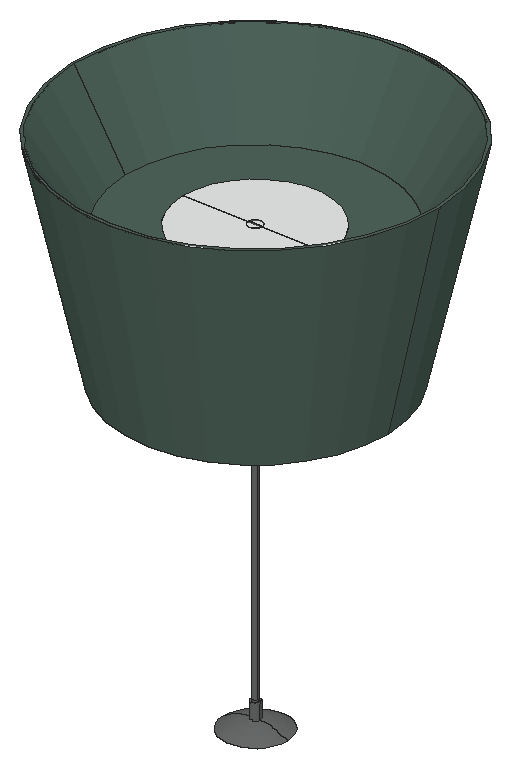
Revit family "S-T-P", category Lighting Fixtures, host Face, Revit 2014
Parameters (values of type "S-T-P-GN")
  Watts = 8 W
  Wattage Comments = "8W"
  Wattage = 9.2903 W
  Warranty = "5 years Warranty"  # constant formula
  built-in parameter 1150110 = 1 (stored number, unit not read)
  Voltage = 120 V
  URL = "https://www.hubbell.com/securitylighting/en"
  built-in parameter 1114217 = 1 (stored number, unit not read)
  Tilt Angle = 60.00°
  built-in parameter 1150109 = 1 (stored number, unit not read)
  built-in parameter 1150134 = 3
  built-in parameter 1150113 = 1 (stored number, unit not read)
  Reflector Finish = Hubbell - White Glass
  Product Link = "https://www.hubbell.com/securitylighting/en/Products/Lighting-Controls/Commercial-Indoor-Lighting/Pendant-Lighting/Tapered-Pendant/p/3028275"
  Product Documentation Link = "https://hubbellcdn.com/specsheet/sl_0038_tapered_spec.pdf"
  Power Factor = 1
  Photometric Web File = "generic"
  Pendent Height [instance] = 12"
  built-in parameter 1150142 = (empty or 0)
  Model = "S-T-P"  # constant formula
  Manufacturer = "Security Lighting"  # constant formula
  built-in parameter 1150105 = 109.82 (stored number, unit not read)
  Lumens = 1380 lm
  built-in parameter 1150115 = 1 (stored number, unit not read)
  Load Classification = Lighting
  built-in parameter 1150137 = (empty or 0)
  built-in parameter 1150139 = (empty or 0)
  built-in parameter 1150112 = 1 (stored number, unit not read)
  built-in parameter 1150114 = 1 (stored number, unit not read)
  Lamp = "LED"  # constant formula
  LF = T : P
  built-in parameter 1150132 = (empty or 0)
  built-in parameter 1150102 = (empty or 0)
  built-in parameter 1150107 = 3200 (stored number, unit not read)
  built-in parameter 1150138 = (empty or 0)
  built-in parameter 1150106 = 1.0982 (stored number, unit not read)
  Housing Material = Paint - Hubbell - Green Textured
  Fixture distribution = "Direct"  # constant formula
  Features = "Made with durable, easy to clean fabric\r\nEasy to install\r\nCustom shapes, sizes, and colors available"  # constant formula
  Emit from Circle Diameter = 14"
  Emit Shape Visible in Rendering = no
  built-in parameter 1150104 = 13.8 (stored number, unit not read)
  Drum-Height = 24"
  Dimming Lamp Color Temperature Shift = <None>
  Description = "These shades are uniquely engineered to suit all high traffic areas in demanding restaurant environments and include a durable fabric look material which can be cleaned. With white interior color, shades are translucent and provide the added benefit of glowing effect."  # constant formula
  Default Elevation = 48"
  Copyright = " ©2020 Security Lighting, a division of Hubbell Lighting, Inc"  # constant formula
  Contact = "https://www.hubbell.com/securitylighting/en/contactUs"
  Connector Description = "Lighting Connector"  # constant formula
  Color Filter = 16777215
  built-in parameter 1114218 = 1 (stored number, unit not read)
  built-in parameter 1150133 = 10 (stored number, unit not read)
  Assembly Code = "D5020200"
  Apparent Load = Watts / Power Factor  # 8 VA
Types (9): name | Housing Material
  (no name) | Paint - Hubbell - Green Textured
  S-T-P-OO | Paint - Hubbell - Matte White
  S-T-P-YO | Hubbell - Yellow
  S-T-P-CG | Paint - Hubbell - Gray Smooth
  S-T-P-WB | Hubbell - Warm Brown
  S-T-P-RD | Hubbell - Red
  S-T-P-GN | Paint - Hubbell - Green Textured
  S-T-P-OR | Hubbell - Orange
  S-T-P-BL | Hubbell - Blue
Reference planes (in)
  plane 1 "Center (Front/Back)": y = 0
  plane 2: z = 0
  plane 3 "Center (Left/Right)": x = 0
  plane 4: z = 12
  plane 5: z = 15.5
Dimensions and locks (in)
  "Pendent Height": plane 4 to plane 2
  locked: plane 5 to plane 4 at 3.5
  aligned and locked: plane 2 to host face
  aligned and locked: level to host face
  aligned and locked: plane 1 "Center (Front/Back)" to nested 1
  aligned and locked: plane 3 "Center (Left/Right)" to nested 1
  aligned and locked: imposter light to plane 1 "Center (Front/Back)"
Automatic sketch dimensions
  host sketch curve to host sketch curve = 96"  (x2)
Nested families (in)
  nested 1: "T" at (0, 0, 0), Pendent Height <- "Pendent Height", type "P"
    with Pendent Height 12"
Connectors (in)
  electrical at (-0.00321, 0, 10.57698), driven by "Load Classification", driven by "Voltage", driven by "Apparent Load", driven by "Power Factor", driven by "Connector Description"
    settings: on nested 1, index 1, voltage 120 V, apparent load 8 VA, apparent load phase1 0 VA, apparent load phase2 0 VA, apparent load phase3 0 VA, power factor 1, load classification "Lighting", number of poles 1, system type 30, power factor state 1, is connector primary yes, connector utility no, sub classification motor no, connector description "Lighting Connector"
Definition of nested family "T"
  Parameters (values of type "P")
    Width = 14"
    Wattage Comments = ""
    URL = ""
    Rod Material = Paint - Hubbell - Basic Black Textured
    Reflector Finish = Hubbell - White Glass
    Pendent Height [instance] = 12"
    Pendant Material = Paint - Hubbell - Matte White
    Outter Length = 14"
    Model = ""
    Manufacturer = ""
    Load Classification = Lighting
    Length = 3.9"
    Lamp = ""
    LED = Hubbell - Glass
    L2 = L1 - 0.1"  # 1.85"
    L1 = Length / 2  # 1.95"
    Height = 8 1/2"
    Description = ""
    Default Elevation = 48"
    Apparent Load = 0 VA  # constant formula
  Reference planes (in)
    plane 1 "Center (Front/Back)": y = 0
    plane 2: z = 0
    plane 3 "Center (Left/Right)": x = 0
    plane 4: y = -7
    plane 5: y = 7
    plane 6: z = 12
    plane 7: x = -1.95
    plane 8: x = 1.95
    plane 9: z = 20.5
    plane 10: x = 7
    plane 11: x = -7
  Forms (in)
    Extrusion 1, solid
      sketch origin (0, 0, 0) x (1, 0, 0) y (0, 1, 0)
        loop
          line (-48, 48) -> (-48, -48) -> (48, -48) -> (48, 48) -> (-48, 48)
      from 0 to -1.25
    Blend 2, solid, material "Paint - Hubbell - Matte White" <- "Pendant Material"
      base sketch origin (0, 0, 0) x (1, 0, 0) y (0, 1, 0)
        loop
          circle (0, 0) r 7.10321
      top sketch origin (0, 0, 0) x (1, 0, 0) y (0, 1, 0)
        loop
          circle (0, 0) r 5.13992
      from 20.5 to 12
    Revolve 3, solid, material "Paint - Hubbell - Basic Black Textured" <- "Rod Material"
      sketch origin (-29.50625, 0, 0) x (-1, 0, 0) y (0, 0, -1)
        loop
          line (-29.5, -12) -> (-29.4, -12) -> (-29.4, -1.04704) -> (-29.4, -0.96114) -> (-29.3207, -0.96114) -> (-29.3207, -0.36334)
          arc (-29.3207, -0.36334) -> (-28.77123, -0.2452) -> (-28.2655, 0) r 2.3506
          line (-28.2655, 0) -> (-29.5, 0) -> (-29.5, -12)
        axis (-29.5, -12) -> (-29.5, 0)
      angle from 0 to 360
    Blend 4, void
      base sketch origin (0, 0, 0) x (1, 0, 0) y (0, 1, 0)
        loop
          circle (0, 0) r 7
      top sketch origin (0, 0, 0) x (1, 0, 0) y (0, 1, 0)
        loop
          circle (0, 0) r 5.0436
      from 20.5 to 17.35661
    Revolve 5, solid, material "Hubbell - White Glass" <- "Reflector Finish"
      sketch origin (0, 0, 0) x (1, 0, 0) y (0, 0, 1)
        loop
          line (0, 17.35661) -> (2.825, 17.35661) -> (2.825, 17.40413) -> (0, 17.40413) -> (0, 17.35661)
        axis (0, 17.40413) -> (0, 17.35661)
      angle from 0 to 360
    Revolve 6, solid, material "Hubbell - Glass" <- "LED"
      sketch origin (0, 0, 0) x (1, 0, 0) y (0, 0, 1)
        loop
          line (0, 17.40413) -> (0.2651, 17.40413) -> (0.2651, 17.43683) -> (0, 17.43683) -> (0, 17.40413)
        axis (0, 17.43683) -> (0, 17.39746)
      angle from 0 to 360
  Cuts and joins
    Blend 4 cuts Blend 2
    Blend 4 cuts Revolve 3
  Dimensions and locks (in)
    equal spacing: plane 4, plane 1 "Center (Front/Back)", plane 5
    "Width": plane 5 to plane 4
    "Pendent Height": plane 6 to plane 2
    equal spacing: plane 8, plane 3 "Center (Left/Right)", plane 7
    "Length": plane 8 to plane 7
    "Height": plane 9 to plane 6
    "Outter Length": plane 10 to plane 11
    equal spacing: plane 10, plane 3 "Center (Left/Right)", plane 11
    equal spacing: plane 11, plane 3 "Center (Left/Right)", plane 10
    plane 11 to plane 10 = 14"
    plane 6 to plane 2 = 12"
    aligned and locked: plane 2 to Extrusion 1
    aligned and locked: level to Extrusion 1
    aligned and locked: plane 9 to Blend 2
  Automatic sketch dimensions
    Extrusion 1 sketch curve to Extrusion 1 sketch curve = 96"  (x2)
    Revolve 3 sketch curve to plane 6 = 0"
    Revolve 3 sketch curve to level = 0"
    Revolve 3 sketch curve to level = 1.97734"
    plane 7 to Revolve 3 sketch curve = 1.98026"
    plane 7 to Revolve 3 sketch curve = 1.94375"  (x2)
    Revolve 3 sketch curve to Revolve 3 sketch curve = 0.1"
    Revolve 3 sketch curve to Revolve 3 sketch curve = 0.0793"
    Revolve 3 sketch curve to Revolve 3 sketch curve = 1.05521"
    Revolve 3 sketch curve to Revolve 3 sketch curve = 0.68371"
    Revolve 3 sketch curve to Revolve 3 sketch curve = 0.0859"
    plane 9 to Revolve 3 sketch curve = 85.53497"
    Revolve 3 sketch curve to Revolve 3 sketch curve = 7.19022"
    plane 1 "Center (Front/Back)" to Blend 4 sketch curve = 0"  (x2)
    Blend 4 sketch curve to plane 3 "Center (Left/Right)" = 0"  (x2)
    plane 1 "Center (Front/Back)" to Blend 2 sketch curve = 0"  (x2)
    Blend 2 sketch curve to plane 3 "Center (Left/Right)" = 0"  (x2)
    Revolve 5 sketch curve to plane 3 "Center (Left/Right)" = 0"  (x2)
    plane 8 to Revolve 5 sketch curve = 7/8"
    Revolve 5 sketch curve to plane 9 = 3.14339"
    Revolve 5 sketch curve to Revolve 5 sketch curve = 0.04752"
    Revolve 5 sketch curve to level = 24"
    plane 9 to Revolve 5 sketch curve = 7.14417"
    Revolve 6 sketch curve to plane 3 "Center (Left/Right)" = 0"  (x2)
    Revolve 6 sketch curve to Revolve 6 sketch curve = 0.2651"
    Revolve 6 sketch curve to plane 9 = 3.09587"
    Revolve 6 sketch curve to Revolve 6 sketch curve = 0.0327"
    Revolve 6 sketch curve to level = 24"
    plane 9 to Revolve 6 sketch curve = 7.14417"
    radius of Blend 4 sketch curve = 5.0436"
    radius of Blend 4 sketch curve = 7"
    radius of Blend 2 sketch curve = 7.10321"
    radius of Blend 2 sketch curve = 5.13992"
